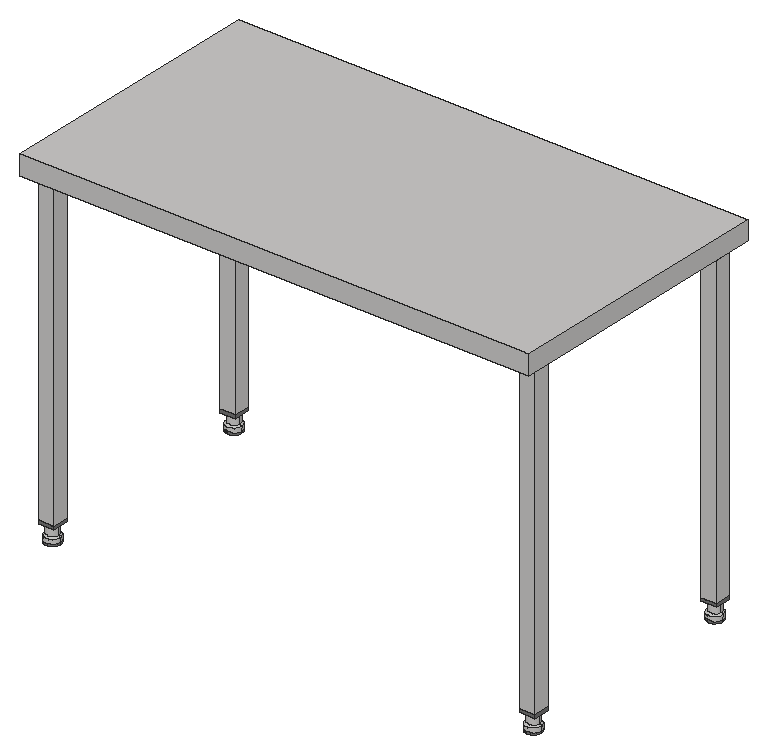
Revit family "QF_ELECTROLUXPROFESSIONAL_133220_TG1300N", category Attrezzature speciali, Revit 2020
Family settings
  Quota connettore circolare = Usa diametro
  Tipo di parte = Normale
  Basato su piano di lavoro = No
  Sempre verticale = Sì
  Taglio con vuoti quando caricato = No
  Condiviso = No
  Punto di calcolo locali = No
Parameters (values of type "Standard")
  Weight = 42.00 kg
  Watts = 0 W
  Volts = 0 V
  URL Manufacturer = "https://www.electroluxprofessional.com/"
  URL = "https://www.electroluxprofessional.com/"
  Steam Supply Size = 0 mm
  Steam Supply Minimum Pressure = 0.0 Pa
  Steam Supply Maximum Pressure = 0.0 Pa
  Steam Consumption per Hour = 0
  Refrigeration Suction Line Size = 0.0 mm
  Refrigeration Liquid Line Size = 0.0 mm
  Refrigerant Compressor Remote = yes
  Prospetto di default = 0.0 mm
  Produttore = "Electrolux Professional"
  Phase = 0
  Modello = "TG1300N"
  Length Actual = 1300.0 mm  # constant formula
  Item Number = "133220"
  Hot Water Size = 0 mm
  Height Actual = 900.0 mm  # constant formula
  HP = "0 HP"
  Gas Size = 0 mm
  Gas KW = 0
  Gas Input Pressure = 0 W
  Direct Waste Size = 0 mm
  Descrizione = "WORK TABLE 1300 MM"
  Depth Actual = 700.0 mm  # constant formula
  Cycle = 0 Hz
  Condensate Return Size = 0 mm
  Compressed Air Volume = 0.0 L/s
  Compressed Air Size = 0 mm
  Compressed Air Pressure = 0.0 Pa
  Cold Water Size = 0 mm
  Accessory = yes
Reference planes
  plane 1 "Center (Front/Back)": y = 0
  plane 2: z = 0
  plane 3 "Center (Left/Right)": x = -150
  plane 4 "LEFT": x = -800
  plane 5 "RIGHT": x = 500
  plane 6 "BACK": y = 350
  plane 7 "FRONT": y = -350
  plane 8 "Base": z = 850
  plane 9 "TOP": z = 900
  plane 10: x = -764.5
  plane 11: x = 464.5
  plane 12: y = 290
  plane 13: y = -290
Forms (mm)
  Extrusion 1, solid, material "QF_Finishes_Stainless Steel"
    sketch origin (-150, 0, 0) x (0, 1, 0) y (0, 0, 1)
      loop
        line (-350, 850) -> (350, 850) -> (350, 900) -> (-350, 900) -> (-350, 850)
    from 650 to -650
Lines and regions (mm)
  symbolic lines
    curve 1: line (500, 350, 900) -> (-800, 350, 900)
    curve 2: line (-800, 350, 900) -> (-800, -350, 900)
    curve 3: line (-800, -350, 900) -> (500, -350, 900)
    curve 4: line (500, -350, 900) -> (500, 350, 900)
Dimensions and locks
  plane 4 "LEFT" to plane 5 "RIGHT" = 1300.0 mm
  equal spacing: plane 4 "LEFT", plane 3 "Center (Left/Right)", plane 5 "RIGHT"
  plane 4 "LEFT" to plane 10 = 35.5 mm
  plane 11 to plane 5 "RIGHT" = 35.5 mm
  plane 10 to plane 11 = 1229.0 mm
  locked: plane 9 "TOP" to level at 900
  plane 6 "BACK" to plane 12 = 60.0 mm
  plane 13 to plane 7 "FRONT" = 60.0 mm
  plane 6 "BACK" to plane 7 "FRONT" = 700.0 mm
  plane 12 to plane 13 = 580.0 mm
  equal spacing: plane 6 "BACK", plane 1 "Center (Front/Back)", plane 7 "FRONT"
  locked: plane 8 "Base" to level at 850
  aligned and locked: level to plane 2
  aligned and locked: plane 10 to nested 1
  aligned and locked: nested 1 to plane 13
  aligned and locked: plane 11 to nested 2
  aligned and locked: nested 2 to plane 13
  aligned and locked: plane 11 to nested 4
  aligned and locked: nested 4 to plane 12
  aligned and locked: plane 10 to nested 3
  aligned and locked: nested 3 to plane 12
  aligned and locked: Extrusion 1 to plane 4 "LEFT"
  aligned and locked: plane 5 "RIGHT" to Extrusion 1
  aligned and locked: curve 2 to plane 4 "LEFT"
Automatic sketch dimensions
  Extrusion 1 sketch curve to plane 7 "FRONT" = 0.0 mm
  Extrusion 1 sketch curve to plane 8 "Base" = 0.0 mm
  curve 3 to plane 7 "FRONT" = 0.0 mm
  curve 4 to plane 6 "BACK" = 0.0 mm
  Extrusion 1 sketch curve to plane 9 "TOP" = 0.0 mm
  Extrusion 1 sketch curve to plane 6 "BACK" = 0.0 mm
  curve 4 to plane 5 "RIGHT" = 0.0 mm
Nested families
  nested 1: "FEET_40x40_APP42" at (-764.5, -290, 0), type "FEET_40x40_APP42"
  nested 2: "FEET_40x40_APP42" at (464.5, -290, 0), type "FEET_40x40_APP42"
  nested 3: "FEET_40x40_APP42" at (-764.5, 290, 0), type "FEET_40x40_APP42"
  nested 4: "FEET_40x40_APP42" at (464.5, 290, 0), type "FEET_40x40_APP42"
Definition of nested family "FEET_40x40_APP42"
  Parameters
    Default Elevation = 0.0 mm
    FEET = 850.0 mm
  Reference planes
    plane 1 "Center (Front/Back)": y = 0
    plane 2: z = 0
    plane 3 "Center (Left/Right)": x = 0
    plane 4: z = 850
  Forms (mm)
    Extrusion 1, solid
      sketch origin (0, 0, 0) x (1, 0, 0) y (0, 1, 0)
        loop
          line (-20, -20) -> (20, -20) -> (20, 20) -> (-20, 20) -> (-20, -20)
      from 50 to 845
    Extrusion 2, solid
      sketch origin (0, 0, 0) x (1, 0, 0) y (0, 1, 0)
        loop
          circle (0, 0) r 20
      from 0 to 5
    Extrusion 3, solid
      sketch origin (0, 0, 0) x (1, 0, 0) y (0, 1, 0)
        loop
          line (30, 30) -> (-30, 30) -> (-30, -30) -> (30, -30) -> (30, 30)
      from 845 to 850
    Extrusion 4, solid
      sketch origin (0, 0, 0) x (1, 0, 0) y (0, 1, 0)
        loop
          line (-20, -20) -> (20, -20) -> (20, 20) -> (-20, 20) -> (-20, -20)
      from 50 to 42
    Revolve 5, solid
      sketch origin (0, 0, 0) x (1, 0, 0) y (0, 0, 1)
        loop
          line (0, 42) -> (-15, 42) -> (-15, 20) -> (-20, 15) -> (-20, 5) -> (0, 5) -> (0, 42)
        axis (0, 42) -> (0, 5)
      angle from 0 to 360
  Lines and regions (mm)
    symbolic lines
      curve 1: line (0, -1.503, 0) -> (0, 1.508, 0)
      curve 2: line (1.561, 0, 0) -> (-1.439, 0, 0)
  Dimensions and locks
    "FEET": plane 4 to plane 2
    aligned and locked: level to plane 2
  Automatic sketch dimensions
    plane 1 "Center (Front/Back)" to curve 2 = 0.0 mm
    curve 1 to plane 3 "Center (Left/Right)" = 0.0 mm
    curve 2 to plane 3 "Center (Left/Right)" = 1.439 mm
    plane 3 "Center (Left/Right)" to curve 2 = 1.561 mm
    plane 1 "Center (Front/Back)" to curve 1 = 1.503 mm
    curve 1 to plane 1 "Center (Front/Back)" = 1.508 mm
    Extrusion 1 sketch curve to plane 3 "Center (Left/Right)" = 20.0 mm
    plane 3 "Center (Left/Right)" to Extrusion 1 sketch curve = 20.0 mm
    plane 1 "Center (Front/Back)" to Extrusion 1 sketch curve = 20.0 mm
    Extrusion 1 sketch curve to plane 1 "Center (Front/Back)" = 20.0 mm
    plane 1 "Center (Front/Back)" to Extrusion 2 sketch curve = 0.0 mm
    Extrusion 2 sketch curve to plane 3 "Center (Left/Right)" = 0.0 mm
    Extrusion 3 sketch curve to plane 3 "Center (Left/Right)" = 30.0 mm
    plane 3 "Center (Left/Right)" to Extrusion 3 sketch curve = 30.0 mm
    plane 1 "Center (Front/Back)" to Extrusion 3 sketch curve = 30.0 mm
    Extrusion 3 sketch curve to plane 1 "Center (Front/Back)" = 30.0 mm
    Extrusion 4 sketch curve to plane 3 "Center (Left/Right)" = 20.0 mm
    plane 3 "Center (Left/Right)" to Extrusion 4 sketch curve = 20.0 mm
    plane 1 "Center (Front/Back)" to Extrusion 4 sketch curve = 20.0 mm
    Extrusion 4 sketch curve to plane 1 "Center (Front/Back)" = 20.0 mm
    Revolve 5 sketch curve to plane 3 "Center (Left/Right)" = 0.0 mm  (x2)
    Revolve 5 sketch curve to plane 3 "Center (Left/Right)" = 15.0 mm
    Revolve 5 sketch curve to Revolve 5 sketch curve = 5.0 mm  (x3)
    level to Revolve 5 sketch curve = 5.0 mm
    Revolve 5 sketch curve to Revolve 5 sketch curve = 10.0 mm
    Revolve 5 sketch curve to Revolve 5 sketch curve = 22.0 mm
    Revolve 5 sketch curve to level = 9.561 mm
    radius of Extrusion 2 sketch curve = 20.0 mm
